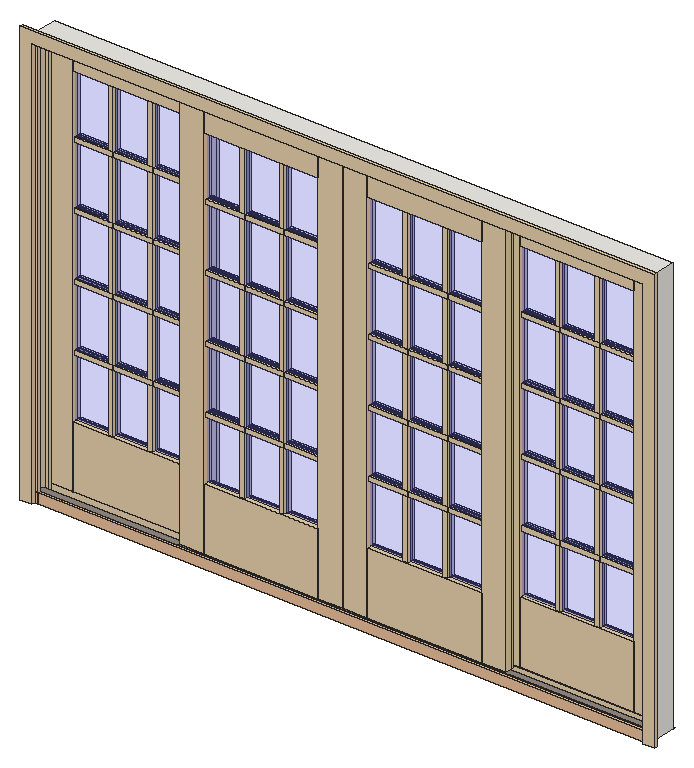
Revit family "Door-Gliding-Andersen-E_Series-Quad", category Doors, host Wall, Revit 2019
Family settings
  Host = Wall
  OmniClass Number = 23.30.10.00
  OmniClass Title = Doors
  Always vertical = Yes
  Cut with Voids When Loaded = No
  Shared = No
  Room Calculation Point = No
Parameters
  Type Comments = "Aluminum-clad wood Gliding French Door"  # constant formula
  Rough Width = Width + (Rough Opening Offset * 2)  # 9' - 11"
  Rough Opening Offset = 0' - 0 1/4"
  Rough Height = if(1 > 0, Height + 0' 0 1/2", 0' 0")  # 6' - 8 1/2"
  Masonry Width = if(Enter Exterior Trim Number > 0, Width + ((casing4 + Masonry Opening Offset) * 2), Width + (Masonry Opening Offset * 2))  # 9' - 11"
  Masonry Opening Offset = 0' - 0 1/4"
  Masonry Height = if(Enter Exterior Trim Number > 0, Height + (casing4 + 0' 0 1/2"), Height + 0' 0 1/2")  # 6' - 8 1/2"
  Learn About These Parameters = "http://www.andersenwindows.com/for-professionals/cad-symbols-bim-support-window-doors/bim-support"
  LWide = if(or(Enter Pattern Number = 1, Enter Pattern Number = 2), . . Lights Wide, if(Enter Pattern Number = 6, . . .Lights Wide, 3))  # 3
  Grille Bar Sizes = "5/8'', 7/8'', 1 1/8'', 1 1/2'', 2 1/4''"  # constant formula
  Glazing Material = Glass ‐ Andersen - Low-E4 SmartSun
  Between Glass Grille Bar Sizes = "5/8'', 1''"  # constant formula
  Interior Trim Visibility = yes
  Grille Bar Size = 0' - 0 7/8"
  Enter Pattern Number = 1
  ..Pattern Number 1 = "Traditional"  # constant formula
  ..Pattern Number 2 = "Traditional Top Light Only"  # constant formula
  . . Lights Wide = 3
  . . Top Light Lights High = 5
  . . Bottom Light Lights High = 2
  ..Pattern Number 3 = "Prairie Each Light"  # constant formula
  ..Pattern Number 4 = "Prairie Top Light Only"  # constant formula
  ..Pattern Number 5 = "Prairie Overall"  # constant formula
  ..Pattern Number 6 = "Craftsman"  # constant formula
  . . .Lights Wide = 3
  Extension Jamb Visibility = yes
  . . .Lights High = 1
  . . .Bottom Bar Location = 1' - 0"
  . . .Bottom Bar Size = 0' - 0 7/8"
  Enter Exterior Trim Number = 0
  ..Exterior Trim Number 0 = "No Exterior Trim"  # constant formula
  ..Exterior Trim Number 1 = "2'' Brick Mould (A753)"  # constant formula
  ..Exterior Trim Number 2 = "2'' Ovolo Brick Mould (A754)"  # constant formula
  ..Exterior Trim Number 3 = "3 1/2'' Brick Mould (A755)"  # constant formula
  ..Exterior Trim Number 4 = "3 1/2'' Backband & Bead Casing (A756)"  # constant formula
  ..Exterior Trim Number 5 = "3 1/2'' Flat Casing (A75B)"  # constant formula
  ..Exterior Trim Number 6 = "5 1/2'' Flat Casing (A758)"  # constant formula
  Interior Grille Bar Visibility = yes
  Exterior Grille Bar Visibility = yes
  Between Glass Grille Bar Visibility = yes
  xjamb Visibility [instance] = and(Extension Jamb Visibility, Wall Depth > 0' 4 9/16")  # no
  xjamb S1 [instance] = if(Wall Depth < 0' 4 5/8", 0' 0 1/16", 0' 0")  # 0' - 0 1/16"
  casingS2 = if(Enter Exterior Trim Number = 3, 0' 0 7/8", 0' 0 3/8")  # 0' - 0 3/8"
  casingS1 = if(Enter Exterior Trim Number = 1, 0' 0 5/8", if(or(Enter Exterior Trim Number = 2, Enter Exterior Trim Number = 3), 0' 1 1/2", 0' 0 3/8"))  # 0' - 0 3/8"
  casing4 = if(or(Enter Exterior Trim Number = 1, Enter Exterior Trim Number = 2), 0' 1 5/8", if(Enter Exterior Trim Number = 6, 0' 5 1/8", 0' 3 1/8"))  # 0' - 3 1/8"
  casing3 = if(Enter Exterior Trim Number = 1, 0' 0 3/8", if(Enter Exterior Trim Number = 2, 0' 0 5/16", 0' 0 9/16"))  # 0' - 0 9/16"
  casing2 = if(Enter Exterior Trim Number = 1, 0' 0 7/8", if(Enter Exterior Trim Number = 2, 0' 1 9/16", 0' 1 7/16"))  # 0' - 1 7/16"
  casing1 = 0' - 0 1/4"  # constant formula
  Wall Thickness [instance] = 0' - 8"
  Wall Depth [instance] = 0' - 4 9/16"
  Void Offset 1 [instance] = if(Enter Exterior Trim Number > 0, casing4, 0' 0")  # 0' - 0"
  Void Depth [instance] = if(Wall Thickness > Wall Depth, 0' 1" + Wall Thickness - Wall Depth, 0' 1")  # 0' - 4 7/16"
  VGB DLO = if(or(Enter Pattern Number = 3, or(Enter Pattern Number = 4, Enter Pattern Number = 5)), 0' 4", (H DLO - (Grille Bar Size * (V Bars))) / if(LWide > 2, LWide, 3))  # 2' - 10.91667"
  V Bars = if(LWide > 2, LWide - 1, 2)  # 2
  URL = "www.eaglewindow.com"
  TS V DLO = Height - HGO - SGO  # 5' - 8"
  TS V Bar Length = if(Enter Pattern Number = 6, . . .Bottom Bar Location - HGO - (. . .Bottom Bar Size / 2), TS V DLO)  # 5' - 8"
  TS SH DLO = if(Enter Pattern Number = 5, HGO + 0' 4" + (Grille Bar Size / 2), if(Enter Pattern Number = 6, . . .Bottom Bar Location, (TS V DLO / 2) + HGO))  # 3' - 4"
  TS S V = LWide = 2  # no
  TS S H Craftsman = and(Enter Pattern Number = 6, . . .Lights High = 2)  # no
  TS S H = and(. . Top Light Lights High = 2, or(or(or(Enter Pattern Number = 5, Enter Pattern Number = 6), Enter Pattern Number = 1), Enter Pattern Number = 2))  # no
  TS M V = or(or(or(or(or(and(LWide > 2, Enter Pattern Number = 1), and(LWide > 2, Enter Pattern Number = 2)), Enter Pattern Number = 3), Enter Pattern Number = 4), Enter Pattern Number = 5), and(LWide > 2, Enter Pattern Number = 6))  # yes
  TS M H = or(or(or(and(. . Top Light Lights High > 2, Enter Pattern Number = 1), and(. . Top Light Lights High > 2, Enter Pattern Number = 2), Enter Pattern Number = 3), Enter Pattern Number = 4), and(. . .Lights High > 2, Enter Pattern Number = 6))  # yes
  TS HGB DLO = if(or(Enter Pattern Number = 3, Enter Pattern Number = 4), 0' 4", if(and(Enter Pattern Number = 6, . . .Lights High > 2), (TS V Bar Length - (Grille Bar Size * (. . .Lights High - 1))) / . . .Lights High, if(. . Top Light Lights High > 2, (TS V Bar Length - (Grille Bar Size * (. . Top Light Lights High - 1))) / . . Top Light Lights High, 0' 4")))  # 1' - 0.9"
  TS H Bars = if(or(Enter Pattern Number = 3, Enter Pattern Number = 4), 2, if(and(Enter Pattern Number = 6, . . .Lights High > 2), . . .Lights High - 1, if(. . Top Light Lights High > 2, . . Top Light Lights High - 1, 2)))  # 4
  Sill Interior Offset [instance] = 0' - 0 5/128"  # constant formula
  Sill Height [instance] = 0' - 1 7/8"  # constant formula
  Panel Bottom Inset [instance] = 0' - 2 5/32"  # constant formula
  Sill Depth [instance] = 0' - 6 1/16"  # constant formula
  SGO = 0' - 6"  # constant formula
  Product Documentation Link = "www.eaglewindow.com/_Products/Ascent-Sliding-French-Doors.aspx"
  Panel Width = ((Width / 4) - 0' 1 3/4") + 0' 3 3/8"  # 2' - 7 1/4"
  Panel Type [instance] = Gliding_Panel : SP2
  Panel Height [instance] = CTRL Height - 0' 0 31/32" - Panel Bottom Inset  # 6' - 4 7/8"
  Nail Fin Visibility = Enter Exterior Trim Number = 0  # yes
  Model = "E-Series Gliding"  # constant formula
  Manufacturer = "Andersen Corporation"  # constant formula
  JGO = 0' - 6"  # constant formula
  Is Gliding = 1 = 1  # yes
  Interior Trim Size = 0' - 2 1/4"
  Interior Material = Wood - Andersen - Pine
  Horizontal Craftsman Bar Size = if(Enter Pattern Number = 6, . . .Bottom Bar Size, Grille Bar Size)  # 0' - 0 7/8"
  HGO = 0' - 6"  # constant formula
  H DLO = Width - (JGO * 2)  # 8' - 10 1/2"
  Function = Exterior
  Height = 6' - 8"
  Wall Closure = By host
  Width = 9' - 10 1/2"
  Frame Interior Inset [instance] = 0' - 0"  # constant formula
  Frame Depth [instance] = 0' - 5 29/32"  # constant formula
  Family Version = "06.01.14"  # constant formula
  Exterior Trim Finish = Aluminum - Andersen - Painted - White
  Exterior Panel Finish = Aluminum - Andersen - Painted - White
  Exterior Grille Bar Finish = Aluminum - Andersen - Painted - White
  Exterior Frame Finish = Aluminum - Andersen - Painted - White
  Designation = "GD"
  Description = "Aluminum-clad wood Gliding French Door"  # constant formula
  Coarse Plan [instance] = if(Wall Depth > Wall Thickness, Wall Thickness, Wall Depth)  # 0' - 4 9/16"
  Casing Visibility [instance] = Enter Exterior Trim Number > 0  # no
  CTRL Height [instance] = Height  # 6' - 8"
  Between Glass Grille Bar Finish = Stainless Steel - Andersen - Standard
  BS V DLO = Height - HGO - SGO  # 5' - 8"
  BS SH DLO = if(Enter Pattern Number = 5, SGO + 0' 4" + (Grille Bar Size / 2), (BS V DLO / 2) + SGO)  # 3' - 4"
  BS S V = and(LWide = 2, Enter Pattern Number = 1)  # no
  BS S H = or(and(. . Bottom Light Lights High = 2, Enter Pattern Number = 1), Enter Pattern Number = 5)  # yes
  BS M V = or(or(and(LWide > 2, Enter Pattern Number = 1), Enter Pattern Number = 3), Enter Pattern Number = 5)  # yes
  BS M H = or(and(. . Bottom Light Lights High > 2, Enter Pattern Number = 1), Enter Pattern Number = 3)  # no
  BS HGB DLO = if(. . Bottom Light Lights High > 2, if(Enter Pattern Number = 3, 0' 4", (BS V DLO - (Grille Bar Size * (. . Bottom Light Lights High - 1))) / . . Bottom Light Lights High), 0' 2")  # 0' - 2"
  BS H Bars = if(. . Bottom Light Lights High > 2, . . Bottom Light Lights High - 1, 2)  # 2
Reference planes (in)
  plane 1 "Center (Front/Back)": y = 0
  plane 2 "Center (Left/Right)": x = 0
  plane 3 "R Frame": x = -59.25
  plane 4 "L Frame": x = 59.25
  plane 5 "T Frame": z = 80
  plane 6 "Wall S1": y = 3.71875
  plane 7 "Wall S2": y = -4.28125
  plane 8 "Interior Casing": y = -4.90625
  plane 9 "Frame S2": y = -4.28125
  plane 10 "Flange": y = 0.28125
  plane 11 "Frame S1": y = 1.625
  plane 12 "Casing S2": y = 2
  plane 13 "Casing S1": y = 2
  plane 14 "Exterior Offset": y = 4.71875
  plane 15 "Coarse Detail Plan": y = 1.5625
  plane 16 "R Rough Opening": x = -59.5
  plane 17 "R Casing 1": x = -59
  plane 18 "R Casing 2": x = -60.9375
  plane 19 "R Casing 3": x = -61.8125
  plane 20 "R Casing 4": x = -62.375
  plane 21 "R Masonry Opening": x = -59.5
  plane 22 "L Masonry Opening": x = 59.5
  plane 23 "L Casing 4": x = 62.375
  plane 24 "L Casing 3": x = 61.8125
  plane 25 "L Casing 2": x = 60.9375
  plane 26 "L Casing 1": x = 59
  plane 27 "L Rough Opening": x = 59.5
  plane 28 "T Rough Opening": z = 80.5
  plane 29 "T Casing 1": z = 79.75
  plane 30 "T Casing 2": z = 81.6875
  plane 31 "T Casing 3": z = 82.5625
  plane 32 "T Casing 4": z = 83.125
  plane 33 "T Masonry Opening": z = 80.5
  plane 34 "R Int Casing": x = -60.75
  plane 35 "R Xjamb 2": x = -59.125
  plane 36 "R Xjamb 1": x = -58.5
  plane 37 "L Int Casing": x = 60.75
  plane 38 "L Xjamb 2": x = 59.125
  plane 39 "L Xjamb 1": x = 58.5
  plane 40 "T Int Casing": z = 81.25
  plane 41 "T Xjamb 2": z = 79.875
  plane 42 "T Xjamb 1": z = 79
  plane 43 "L Panel": x = 58.4372
  plane 44 "R Panel": x = -58.4375
  plane 45 "T Panel": z = 79.0312
  plane 46 "B Panel": z = 2.1562
  plane 47 "B Glazing": z = 10.1562
  plane 48 "T Glazing": z = 74.3437
  plane 49 "L Glazing": x = 53.7497
  plane 50 "R Glazing": x = -53.75
  plane 51 "Panel1 S1": y = -1.88625
  plane 52 "Panel1 S2": y = -3.63625
  plane 53 "Xjamb S1": y = -4.21875
  plane 54 "Frame S2 Ext": y = 1.625
  plane 55 "Stop Exterior": y = -1.20413
  plane 56 "Stop Interior": y = -1.71975
  plane 57 "Sill Interior": y = -4.32031
  plane 58 "Sill Exterior": y = 1.74219
  plane 59 "L Stop": x = 57.75
  plane 60 "R Stop": x = -57.75
  plane 61 "T Stop": z = 78.5
  plane 62 "Sill Height": z = 1.875
  plane 63 "Panel2 S1": y = 0.625
  plane 64 "Panel2 S2": y = -1.1355
  plane 65 "R Panel Width": x = -27.1875
  plane 66 "L Panel Width": x = 27.1872
Forms (in)
  Extrusion 1, void
    sketch origin (0, 0, 0) x (1, 0, 0) y (0, 0, 1)
      loop
        line (59.25, 80) -> (-59.25, 80) -> (-59.25, 0) -> (59.25, 0) -> (59.25, 80)
    from -0.28125 to 4.28125
  Extrusion 2, void
    sketch origin (0, 0, 0) x (1, 0, 0) y (0, 0, 1)
      loop
        line (59.25, 80) -> (-59.25, 80) -> (-59.25, 0) -> (59.25, 0) -> (59.25, 80)
    from -15.71875 to -0.28125
  Sweep 3, solid, material "Aluminum - Andersen - Painted - White" <- "Exterior Trim Finish", visible <- "Casing Visibility", detail levels medium+fine
    path origin (0, 0.28125, 0) x (-1, 0, 0) y (0, 0, 1)
      loop
        line (-62.375, 0) -> (-62.375, 83.125) -> (62.375, 83.125) -> (62.375, 0)
    profile origin (62.375, 0.28125, 41.5625) x (1, 0, 0) y (0, 1, 0)
      loop
        line (-1.4375, 1.71875) -> (-3.375, 1.71875) -> (-3.375, 0) -> (0, 0) -> (0, 1.71875) -> (-0.5625, 1.71875) -> (-1.4375, 1.71875)
  Extrusion 4, solid, material "Aluminum - Andersen - Painted - White" <- "Exterior Trim Finish", visible <- "Casing Visibility", detail levels coarse
    sketch origin (0, 0.28125, 0) x (-1, 0, 0) y (0, 0, 1)
      loop
        line (-59, 79.75) -> (59, 79.75) -> (59, 0) -> (62.375, 0) -> (62.375, 83.125) -> (-62.375, 83.125) -> (-62.375, 0) -> (-59, 0) -> (-59, 79.75)
    from 0 to 1.71875
  Extrusion 5, solid, material "Wood - Andersen - Pine" <- "Interior Material", visible <- "Interior Trim Visibility", detail levels fine
    sketch origin (0, 0, 0) x (1, 0, 0) y (0, 0, 1)
      loop
        line (-58.5, 79) -> (58.5, 79) -> (58.5, 0) -> (60.75, 0) -> (60.75, 81.25) -> (-60.75, 81.25) -> (-60.75, 0) -> (-58.5, 0) -> (-58.5, 79)
    from 4.28125 to 4.90625
  Extrusion 6, solid, material "Wood - Andersen - Pine" <- "Interior Material", visible <- "xjamb Visibility", detail levels medium+fine
    sketch origin (0, 0, 0) x (1, 0, 0) y (0, 0, 1)
      loop
        line (-59.125, 0) -> (-58.5, 0) -> (-58.5, 79) -> (58.5, 79) -> (58.5, 0) -> (59.125, 0) -> (59.125, 79.875) -> (-59.125, 79.875) -> (-59.125, 0)
    from 4.21875 to 4.28125
  Sweep 7, solid, material "Aluminum - Andersen - Painted - White" <- "Exterior Frame Finish", detail levels medium+fine
    path origin (0, 0.28125, 0) x (-1, 0, 0) y (0, 0, 1)
      loop
        line (-59.25, 0) -> (-59.25, 80) -> (59.25, 80) -> (59.25, 0)
    profile origin (59.25, 0.28125, 40) x (1, 0, 0) y (0, 1, 0)
      loop
        line (0, -4.5625) -> (0, 1.13341) -> (-0.41612, 1.34375) -> (-1.5, 1.34375) -> (-1.5, 0.35575) -> (-0.75, 0.35575) -> (-0.75, -1.48538) -> (-1.375, -1.48538) -> (-1.375, -2.001) -> (-0.75, -2.001) -> (-0.75, -4.0625) -> (-1.313, -4.0625) -> (-1.313, -4.5625) -> (0, -4.5625)
  Sweep 8, solid, material "Aluminum - Andersen - Painted - White" <- "Exterior Frame Finish", detail levels coarse
    path origin (-0.30351, 0.28125, 0) x (-1, 0, 0) y (0, 0, 1)
      loop
        line (-59.55351, 0) -> (-59.55351, 80) -> (58.94649, 80) -> (58.94649, 0)
    profile origin (59.25, 0.28125, 40) x (1, 0, 0) y (0, 1, 0)
      loop
        line (-0.75, -4.5625) -> (0, -4.5625) -> (0, 1.34375) -> (-0.75, 1.34375) -> (-0.75, -4.5625)
  Sweep 9, solid, material "Fiberglass - Andersen - Terratone", detail levels medium+fine
    path origin (0, 0.28125, 0) x (-1, 0, 0) y (0, 0, 1)
      loop
        line (-59.25, 0) -> (59.25, 0)
    profile origin (0, 0.28125, 0) x (0, 0, 1) y (0, 1, 0)
      loop
        line (0, -4.60156) -> (1.875, -4.60156) -> (1.875, -3.94709) -> (2.00898, -3.94709) -> (1.91719, -2.63442) -> (0.63229, -2.63442) -> (0.54751, -1.41675) -> (0.42251, -1.41675) -> (0.29543, 0.40833) -> (0.15625, 0.40833) -> (0.09649, 1.46094) -> (0, 1.46094) -> (0, -4.60156)
  Sweep 10, solid, material "Fiberglass - Andersen - Terratone", detail levels coarse
    path origin (0, 0.28125, 0) x (-1, 0, 0) y (0, 0, 1)
      loop
        line (-58.5, 2.1562) -> (58.5, 2.1562)
    profile origin (0, 0.28125, 2.1562) x (0, 0, 1) y (0, 1, 0)
      loop
        line (0, 1.46094) -> (-2.1562, 1.46094) -> (-2.1562, -4.60156) -> (0, -4.60156) -> (0, 1.46094)
  Sweep 11, void
    path origin (0, 0.28125, 0) x (-1, 0, 0) y (0, 0, 1)
      loop
        line (0, 0) -> (0, 2.1562)
    profile origin (0, 0.28125, 1.0781) x (1, 0, 0) y (0, 1, 0)
      loop
        line (57.937, -4.0625) -> (57.937, -4.5625) -> (59.25, -4.5625) -> (59.25, 1.34375) -> (57.75, 1.34375) -> (57.75, 0.35575) -> (58.5, 0.35575) -> (58.5, -1.48538) -> (57.875, -1.48538) -> (57.875, -2.001) -> (58.5, -2.001) -> (58.5, -4.0625) -> (57.937, -4.0625)
      loop
        line (-57.937, -4.0625) -> (-58.5, -4.0625) -> (-58.5, -2.001) -> (-57.875, -2.001) -> (-57.875, -1.48538) -> (-58.5, -1.48538) -> (-58.5, 0.35575) -> (-57.75, 0.35575) -> (-57.75, 1.34375) -> (-59.25, 1.34375) -> (-59.25, -4.5625) -> (-57.937, -4.5625) -> (-57.937, -4.0625)
  Sweep 12, solid, material "Aluminum - Andersen - Painted - White" <- "Exterior Frame Finish", detail levels medium+fine
    path origin (0.97958, 0.28125, -3.29495) x (-1, 0, 0) y (0, 0, 1)
      loop
        line (28.16708, 5.45115) -> (59.41708, 5.45115)
    profile origin (-42.8125, 0.28125, 2.1562) x (0, 0, 1) y (0, 1, 0)
      loop
        line (-1.73369, -1.41675) -> (0, -1.41675) -> (0, 0.34375) -> (-1.85627, 0.34375) -> (-1.73369, -1.41675)
  Sweep 13, solid, material "Aluminum - Andersen - Painted - White" <- "Exterior Frame Finish", detail levels medium+fine
    path origin (-0.98038, 0.28125, -3.29495) x (1, 0, 0) y (0, 0, 1)
      loop
        line (28.16758, 5.45115) -> (59.41758, 5.45115)
    profile origin (42.8122, 0.28125, 2.1562) x (0, 0, -1) y (0, 1, 0)
      loop
        line (1.73369, -1.41675) -> (1.85627, 0.34375) -> (0, 0.34375) -> (0, -1.41675) -> (1.73369, -1.41675)
Cuts and joins
  Sweep 11 cuts Sweep 9
Lines and regions (in)
  Masking region 1, visible <- "Casing Visibility"
    outline origin (0, 0, 0) x (0, 1, 0) y (0, 0, 1)
      loop
        line (0.28125, 80) -> (1.625, 80) -> (1.625, 0) -> (2, 0) -> (2, 83.125) -> (0.28125, 83.125) -> (0.28125, 80)
  Masking region 2
    outline origin (0, 0, 0) x (1, 0, 0) y (0, 1, 0)
      loop
        line (-59.25, 1.74219) -> (-59.25, -4.32031) -> (59.25, -4.32031) -> (59.25, 1.74219) -> (-59.25, 1.74219)
  Masking region 3
    outline origin (0, 0, 0) x (0, 1, 0) y (0, 0, 1)
      loop
        line (1.625, 80) -> (-4.28125, 80) -> (-4.28125, 0) -> (1.625, 0) -> (1.625, 80)
  Masking region 4, visible <- "Casing Visibility", detail levels fine
    outline origin (0, 0, 0) x (1, 0, 0) y (0, 1, 0)
      loop
        line (-61.8125, 2) -> (-62.375, 2) -> (-62.375, 0.28125) -> (-59.25, 0.28125) -> (-59.25, 1.625) -> (-59, 1.625) -> (-59, 2) -> (-60.9375, 2) -> (-61.8125, 2)
  Masking region 5, visible <- "Casing Visibility", detail levels fine
    outline origin (0, 0, 0) x (1, 0, 0) y (0, 1, 0)
      loop
        line (61.8125, 2) -> (60.9375, 2) -> (59, 2) -> (59, 1.625) -> (59.25, 1.625) -> (59.25, 0.28125) -> (62.375, 0.28125) -> (62.375, 2) -> (61.8125, 2)
  Masking region 6, visible <- "Casing Visibility", detail levels coarse+medium
    outline origin (0, 0, 0) x (1, 0, 0) y (0, 1, 0)
      loop
        line (-62.375, 2) -> (-62.375, 0.28125) -> (-59.25, 0.28125) -> (-59.25, 2) -> (-62.375, 2)
  Masking region 7, visible <- "Casing Visibility", detail levels coarse+medium
    outline origin (0, 0, 0) x (1, 0, 0) y (0, 1, 0)
      loop
        line (59.25, 2) -> (59.25, 0.28125) -> (62.375, 0.28125) -> (62.375, 2) -> (59.25, 2)
  Masking region 8, visible <- "Casing Visibility"
    outline origin (0, 1.74219, 0) x (-1, 0, 0) y (0, 0, 1)
      loop
        line (-62.375, 83.125) -> (-62.375, 0) -> (-59.25, 0) -> (-59.25, 80) -> (59.25, 80) -> (59.25, 0) -> (62.375, 0) -> (62.375, 83.125) -> (-62.375, 83.125)
  Masking region 9, visible <- "Interior Trim Visibility", detail levels fine
    outline origin (0, -4.90625, 0) x (-1, 0, 0) y (0, 0, 1)
      loop
        line (-60.75, 81.25) -> (-60.75, 0) -> (-58.5, 0) -> (-58.5, 79) -> (58.5, 79) -> (58.5, 0) -> (60.75, 0) -> (60.75, 81.25) -> (-60.75, 81.25)
  Masking region 10
    outline origin (0, -4.32031, 0) x (-1, 0, 0) y (0, 0, 1)
      loop
        line (-59.25, 80) -> (-59.25, 0) -> (59.25, 0) -> (59.25, 80) -> (-59.25, 80)
      loop
        line (-57.75, 78.5) -> (-57.75, 2.1562) -> (57.75, 2.1562) -> (57.75, 78.5) -> (-57.75, 78.5)
  Split face 1
    outline origin (-27.1875, 0.28125, 2.1562) x (0, 0, -1) y (0, 1, 0)
      loop
        line (0, -0.03125) -> (1.83234, -0.03125)
  Masking region 11
    outline origin (0, 1.74219, 0) x (-1, 0, 0) y (0, 0, 1)
      loop
        line (59.25, 80) -> (-59.25, 80) -> (-59.25, 0) -> (59.25, 0) -> (59.25, 80)
      loop
        line (57.75, 78.5) -> (-57.75, 78.5) -> (-57.75, 2.1562) -> (57.75, 2.1562) -> (57.75, 78.5)
  Split face 2
    outline origin (27.1872, 0.28125, 2.1562) x (0, 0, 1) y (0, 1, 0)
      loop
        line (0, -0.03125) -> (-1.83234, -0.03125)
  Split face 3
    outline origin (58.5, 1.74219, 2.1562) x (-1, 0, 0) y (0, -1, 0)
      loop
        line (0, 5.37844) -> (117, 5.37844)
  Split face 4
    outline origin (58.5, 0.28125, 2.1562) x (0, 0, -1) y (0, 1, 0)
      loop
        line (0, -3.9175) -> (2.1562, -3.9175)
  Split face 5
    outline origin (-58.5, 0.28125, 2.1562) x (0, 1, 0) y (0, 0, -1)
      loop
        line (-3.9175, 0) -> (-3.9175, 2.1562)
  Split face 6
    outline origin (58.5, -4.32031, 0) x (0, 1, 0) y (-1, 0, 0)
      loop
        line (0.68406, 117) -> (0.68406, 0)
  Split face 7
    outline origin (58.5, -4.28125, 0) x (0, 0, 1) y (0, 1, 0)
      loop
        line (0, 3.14575) -> (79.25, 3.14575)
  Split face 8
    outline origin (-58.5, -4.28125, 79.25) x (0, 0, -1) y (0, 1, 0)
      loop
        line (79.25, 3.14575) -> (0, 3.14575)
  Split face 9
    outline origin (58.5, -4.28125, 79.25) x (0, 1, 0) y (-1, 0, 0)
      loop
        line (3.14575, 0) -> (3.14575, 31.3128) -> (0.645, 31.3128) -> (0.645, 85.6875) -> (3.14575, 85.6875) -> (3.14575, 117)
  Split face 10
    outline origin (-59.25, 1.625, 80) x (0, 0, -1) y (0, -1, 0)
      loop
        line (80, 2.7605) -> (0, 2.7605)
  Split face 11
    outline origin (59.25, 1.625, 80) x (-1, 0, 0) y (0, -1, 0)
      loop
        line (118.5, 2.7605) -> (0, 2.7605)
  Split face 12
    outline origin (59.25, 1.625, 0) x (0, 0, 1) y (0, -1, 0)
      loop
        line (80, 2.7605) -> (0, 2.7605)
  Split face 13
    outline origin (-59.25, 1.41466, 80) x (0, 0, -1) y (0, -1, 0)
      loop
        line (80, 2.55016) -> (0, 2.55016)
  Split face 14
    outline origin (59.25, 1.41466, 80) x (-1, 0, 0) y (0, -1, 0)
      loop
        line (118.5, 2.55016) -> (0, 2.55016)
  Split face 15
    outline origin (59.25, 1.41466, 0) x (0, 0, 1) y (0, -1, 0)
      loop
        line (80, 2.55016) -> (0, 2.55016)
  Masking region 12, visible <- "xjamb Visibility", detail levels medium+fine
    outline origin (0, 0, 0) x (1, 0, 0) y (0, 1, 0)
      loop
        line (-59.125, -4.21875) -> (-59.125, -4.28125) -> (-58.5, -4.28125) -> (-58.5, -4.21875) -> (-59.125, -4.21875)
  Masking region 13, visible <- "Interior Trim Visibility", detail levels fine
    outline origin (0, 0, 0) x (1, 0, 0) y (0, 1, 0)
      loop
        line (-60.75, -4.28125) -> (-60.75, -4.90625) -> (-58.5, -4.90625) -> (-58.5, -4.28125) -> (-60.75, -4.28125)
  Masking region 14, visible <- "xjamb Visibility", detail levels medium+fine
    outline origin (0, 0, 0) x (1, 0, 0) y (0, 1, 0)
      loop
        line (58.5, -4.21875) -> (58.5, -4.28125) -> (59.125, -4.28125) -> (59.125, -4.21875) -> (58.5, -4.21875)
  Masking region 15, visible <- "Interior Trim Visibility", detail levels fine
    outline origin (0, 0, 0) x (1, 0, 0) y (0, 1, 0)
      loop
        line (58.5, -4.28125) -> (58.5, -4.90625) -> (60.75, -4.90625) -> (60.75, -4.28125) -> (58.5, -4.28125)
  Masking region 16, visible <- "xjamb Visibility", detail levels medium+fine
    outline origin (0, 0, 0) x (0, 1, 0) y (0, 0, 1)
      loop
        line (-4.21875, 79.875) -> (-4.28125, 79.875) -> (-4.28125, 0) -> (-4.21875, 0) -> (-4.21875, 79.875)
  Masking region 17, visible <- "Interior Trim Visibility", detail levels fine
    outline origin (0, 0, 0) x (0, 1, 0) y (0, 0, 1)
      loop
        line (-4.28125, 81.25) -> (-4.90625, 81.25) -> (-4.90625, 0) -> (-4.28125, 0) -> (-4.28125, 81.25)
  symbolic lines, style "DoorsFrameMullionProjection", visible <- "Casing Visibility", detail levels medium+fine
    curve 1: line (0, 2, 82.5625) -> (0, 2, 81.6875)
    curve 2: line (0, 2, 81.6875) -> (0, 2, 79.75)
    curve 3: line (0, 2, 79.75) -> (0, 1.625, 79.75)
    curve 5: line (60.875, 0.28125, 2.1562) -> (64, 0.28125, 2.1562)
    curve 6: line (-60.875, 0.28125, 2.1562) -> (-64, 0.28125, 2.1562)
    curve 117: line (0, 0.28125, 84.75) -> (0, 0.28125, 83.125)
  symbolic lines, style "DoorsFrameMullionProjection", detail levels coarse
    curve 4: line (0, 1.625, 80) -> (0, 2, 80)
    curve 7: line (58.5, 1.625, 2.1562) -> (58.5, -4.28125, 2.1562)
    curve 8: line (0, 1.74219, 0) -> (0, 1.74219, 2.1562)
    curve 9: line (0, 1.74219, 2.1562) -> (0, -4.32031, 2.1562)
    curve 10: line (0, -4.32031, 2.1562) -> (0, -4.32031, 0)
    curve 11: line (0, -4.21875, 79) -> (0, 1.625, 79)
    curve 33: line (-59.25, 1.625, 2.1562) -> (-58.5, 1.625, 2.1562)
    curve 96: line (-58.5, 1.625, 2.1562) -> (-58.5, -4.28125, 2.1562)
    curve 121: line (58.5, 1.625, 2.1562) -> (59.25, 1.625, 2.1562)
  symbolic lines, style "DoorsFrameMullionProjection", detail levels medium+fine
    curve 12: line (-58.875, -4.28125, 2.1562) -> (-59.25, -4.28125, 2.1562)
    curve 15: line (-57.75, 1.625, 0.8125) -> (-57.75, 0.637, 0.8125)
    curve 16: line (-57.75, 0.637, 0.8125) -> (-58.5, 0.637, 0.8125)
    curve 17: line (-58.5, 0.637, 0.8125) -> (-58.5, -1.20413, 0.8125)
    curve 18: line (-58.5, -1.20413, 0.8125) -> (-57.875, -1.20413, 0.8125)
    curve 19: line (-57.875, -1.20413, 0.8125) -> (-57.875, -1.71975, 0.8125)
    curve 20: line (-57.937, -4.28125, 0.8125) -> (-59.25, -4.28125, 0.8125)
    curve 21: line (-59.25, -4.28125, 0.8125) -> (-59.25, 1.41466, 0.8125)
    curve 22: line (-58.83388, 1.625, 0.8125) -> (-57.75, 1.625, 0.8125)
    curve 23: line (0, -1.20413, 78.625) -> (0, -1.71975, 78.625)
    curve 24: line (0, -1.20413, 79.25) -> (0, -1.20413, 78.625)
    curve 25: line (0, -1.20413, 79.25) -> (0, 1.01512, 79.25)
    curve 26: line (0, 1.01512, 79.25) -> (0, 1.01512, 78.5)
    curve 27: line (0, 1.01512, 78.5) -> (0, 1.625, 78.5)
    curve 28: line (0, 1.625, 78.5) -> (0, 1.625, 79.58388)
    curve 29: line (0, -4.28125, 78.687) -> (0, -4.28125, 80)
    curve 30: line (0, -4.28125, 80) -> (0, 1.41466, 80)
    curve 42: line (-58.5, -1.71975, 0.8125) -> (-57.875, -1.71975, 0.8125)
    curve 43: line (-58.5, -1.71975, 0.8125) -> (-58.5, -3.78125, 0.8125)
    curve 44: line (-58.5, -3.78125, 0.8125) -> (-57.937, -3.78125, 0.8125)
    curve 45: line (-57.937, -3.78125, 0.8125) -> (-57.937, -4.28125, 0.8125)
    curve 46: line (-59.25, 1.41466, 0.8125) -> (-58.83388, 1.625, 0.8125)
    curve 52: line (57.75, 1.625, 0.8125) -> (57.75, 0.637, 0.8125)
    curve 53: line (57.75, 0.637, 0.8125) -> (58.5, 0.637, 0.8125)
    curve 54: line (58.5, 0.637, 0.8125) -> (58.5, -1.20413, 0.8125)
    curve 55: line (58.5, -1.20413, 0.8125) -> (57.875, -1.20413, 0.8125)
    curve 56: line (57.875, -1.20413, 0.8125) -> (57.875, -1.71975, 0.8125)
    curve 57: line (57.937, -4.28125, 0.8125) -> (59.25, -4.28125, 0.8125)
    curve 58: line (59.25, -4.28125, 0.8125) -> (59.25, 1.41466, 0.8125)
    curve 59: line (58.83388, 1.625, 0.8125) -> (57.75, 1.625, 0.8125)
    curve 60: line (58.5, -1.71975, 0.8125) -> (57.875, -1.71975, 0.8125)
    curve 61: line (58.5, -1.71975, 0.8125) -> (58.5, -3.78125, 0.8125)
    curve 62: line (58.5, -3.78125, 0.8125) -> (57.937, -3.78125, 0.8125)
    curve 63: line (57.937, -3.78125, 0.8125) -> (57.937, -4.28125, 0.8125)
    curve 64: line (59.25, 1.41466, 0.8125) -> (58.83388, 1.625, 0.8125)
    curve 65: line (0, 0.68958, 0.15625) -> (0, 1.74219, 0.09649)
    curve 66: line (0, 1.74219, 0.09649) -> (0, 1.74219, 0)
    curve 67: line (0, -4.32031, 0) -> (0, -4.32031, 1.875)
    curve 68: line (0, -4.32031, 1.875) -> (0, -3.66584, 1.875)
    curve 69: line (0, -3.66584, 2.00898) -> (0, -2.35317, 1.91719)
    curve 70: line (0, -2.35317, 1.91719) -> (0, -2.35317, 0.63229)
    curve 71: line (0, -1.1355, 0.42251) -> (0, 0.68958, 0.29543)
    curve 72: line (0, -2.35317, 0.63229) -> (0, -1.1355, 0.54751)
    curve 73: line (0, 0.68958, 0.29543) -> (0, 0.68958, 0.15625)
    curve 74: line (0, -3.66584, 1.875) -> (0, -3.66584, 2.00898)
    curve 83: line (0, -1.71975, 79.25) -> (0, -1.71975, 78.625)
    curve 84: line (0, -1.71975, 79.25) -> (0, -3.78125, 79.25)
    curve 85: line (0, -3.78125, 79.25) -> (0, -3.78125, 78.687)
    curve 86: line (0, -3.78125, 78.687) -> (0, -4.28125, 78.687)
    curve 87: line (0, 1.41466, 80) -> (0, 1.625, 79.58388)
    curve 93: line (0, 0.625, 2.1562) -> (0, 0.625, 0.29993)
    curve 94: line (0, -1.1355, 2.1562) -> (0, -1.1355, 0.42251)
    curve 95: line (0, -1.1355, 2.1562) -> (0, 0.625, 2.1562)
    curve 118: line (58.5, -4.32031, 2.1562) -> (-58.5, -4.32031, 2.1562)
    curve 119: line (-27.1875, 1.74219, 0.29543) -> (-27.1875, 1.74219, 2.1562)
    curve 120: line (27.1872, 1.74219, 0.29543) -> (27.1872, 1.74219, 2.1562)
    curve 122: line (-28.4375, -1.1355, 0) -> (-28.4375, -1.88625, 0)
    curve 123: line (-27.4375, -1.1355, 0) -> (-27.4375, -1.88625, 0)
    curve 124: line (27.4372, -1.1355, 0) -> (27.4372, -1.88625, 0)
    curve 125: line (28.4372, -1.1355, 0) -> (28.4372, -1.88625, 0)
  symbolic lines, style "DoorsFrameMullionProjection", not visible, detail levels fine
    curve 13: line (0, 1.74219, 0) -> (0, -4.32031, 0)
  symbolic lines, style "DoorsFrameMullionProjection", detail levels fine
    curve 14: line (0, 1.74219, 0) -> (0, -4.32031, 0)
  symbolic lines, style "DoorsFrameMullionProjection"
    curve 31: line (57.75, 1.74219, 2.1562) -> (57.75, 1.74219, 0)
    curve 32: line (-57.75, 1.74219, 2.1562) -> (-57.75, 1.74219, 0)
    curve 129: line (-59.25, 1.625, 0) -> (-59.25, -4.28125, 0)
    curve 131: line (59.25, 1.625, 0) -> (59.25, -4.28125, 0)
    curve 132: line (0, 2, 83.125) -> (0, 0.28125, 83.125)
    curve 133: line (0, 1.625, 80) -> (0, -4.28125, 80)
  symbolic lines, style "DoorsFrameMullionProjection", not visible, detail levels medium+fine
    curve 34: line (-16.75, 3.77622, 0.8125) -> (-16.75, 2.78822, 0.8125)
    curve 35: line (-16.75, 2.78822, 0.8125) -> (-17.5, 2.78822, 0.8125)
    curve 36: line (-17.5, 2.78822, 0.8125) -> (-17.5, 0.94709, 0.8125)
    curve 37: line (-17.5, 0.94709, 0.8125) -> (-16.875, 0.94709, 0.8125)
    curve 38: line (-16.875, 0.94709, 0.8125) -> (-16.875, 0.43147, 0.8125)
    curve 39: line (-16.937, -2.13003, 0.8125) -> (-18.25, -2.13003, 0.8125)
    curve 40: line (-18.25, -2.13003, 0.8125) -> (-18.25, 3.56588, 0.8125)
    curve 41: line (-17.83388, 3.77622, 0.8125) -> (-16.75, 3.77622, 0.8125)
    curve 47: line (-17.5, 0.43147, 0.8125) -> (-16.875, 0.43147, 0.8125)
    curve 48: line (-17.5, 0.43147, 0.8125) -> (-17.5, -1.63003, 0.8125)
    curve 49: line (-17.5, -1.63003, 0.8125) -> (-16.937, -1.63003, 0.8125)
    curve 50: line (-16.937, -1.63003, 0.8125) -> (-16.937, -2.13003, 0.8125)
    curve 51: line (-18.25, 3.56588, 0.8125) -> (-17.83388, 3.77622, 0.8125)
    curve 75: line (0, -0.20413, 78.625) -> (0, -0.71975, 78.625)
    curve 76: line (0, -0.20413, 79.25) -> (0, -0.20413, 78.625)
    curve 77: line (0, -0.20413, 79.25) -> (0, 2.01512, 79.25)
    curve 78: line (0, 2.01512, 79.25) -> (0, 2.01512, 78.5)
    curve 79: line (0, 2.01512, 78.5) -> (0, 2.625, 78.5)
    curve 80: line (0, 2.625, 78.5) -> (0, 2.625, 79.58388)
    curve 81: line (0, -3.28125, 78.687) -> (0, -3.28125, 80)
    curve 82: line (0, -3.28125, 80) -> (0, 2.41466, 80)
    curve 88: line (0, -0.71975, 79.25) -> (0, -0.71975, 78.625)
    curve 89: line (0, -0.71975, 79.25) -> (0, -2.78125, 79.25)
    curve 90: line (0, -2.78125, 79.25) -> (0, -2.78125, 78.687)
    curve 91: line (0, -2.78125, 78.687) -> (0, -3.28125, 78.687)
    curve 92: line (0, 2.41466, 80) -> (0, 2.625, 79.58388)
    curve 101: line (0, 1.68958, 0.15625) -> (0, 2.74219, 0.09649)
    curve 102: line (0, 2.74219, 0.09649) -> (0, 2.74219, 0)
    curve 103: line (0, -3.32031, 0) -> (0, -3.32031, 1.875)
    curve 104: line (0, -3.32031, 1.875) -> (0, -2.66584, 1.875)
    curve 105: line (0, -2.66584, 2.00898) -> (0, -1.35317, 1.91719)
    curve 106: line (0, -1.35317, 1.91719) -> (0, -1.35317, 0.63229)
    curve 107: line (0, -0.1355, 0.42251) -> (0, 1.68958, 0.29543)
    curve 108: line (0, -1.35317, 0.63229) -> (0, -0.1355, 0.54751)
    curve 109: line (0, 1.68958, 0.29543) -> (0, 1.68958, 0.15625)
    curve 110: line (0, -2.66584, 1.875) -> (0, -2.66584, 2.00898)
    curve 111: line (0, 1.625, 2.1562) -> (0, 1.625, 0.29993)
    curve 112: line (0, -0.1355, 2.1562) -> (0, -0.1355, 0.42251)
    curve 113: line (0, -0.1355, 2.1562) -> (0, 1.625, 2.1562)
  symbolic lines, style "DoorsFrameMullionProjection", not visible, detail levels coarse
    curve 97: line (-17.5, 3.77622, 2.1562) -> (-17.5, -2.13003, 2.1562)
    curve 98: line (0, 2.74219, 0) -> (0, 2.74219, 2.1562)
    curve 99: line (0, 2.74219, 2.1562) -> (0, -3.32031, 2.1562)
    curve 100: line (0, -3.32031, 2.1562) -> (0, -3.32031, 0)
  symbolic lines, style "DoorsFrameMullionProjection", visible <- "Nail Fin Visibility", detail levels medium+fine
    curve 114: line (59.25, 0.28125, 2.1562) -> (60.875, 0.28125, 2.1562)
    curve 115: line (-59.25, 0.28125, 2.1562) -> (-60.875, 0.28125, 2.1562)
    curve 116: line (0, 0.28125, 81.5) -> (0, 0.28125, 80)
  symbolic lines, style "DoorsFrameMullionProjection", visible <- "xjamb Visibility", detail levels medium+fine
    curve 126: line (0, -4.21875, 79) -> (0, -4.28125, 79)
  symbolic lines, style "DoorsFrameMullionProjection", visible <- "Interior Trim Visibility", detail levels fine
    curve 127: line (0, -4.28125, 79) -> (0, -4.90625, 79)
  symbolic lines, style "DoorsFrameMullionProjection", visible <- "Casing Visibility"
    curve 128: line (-62.375, 2, 0) -> (-62.375, 0.28125, 0)
    curve 130: line (62.375, 2, 0) -> (62.375, 0.28125, 0)
Text (in)
  text "Exterior" at (-74.96733, 27.31104, 0), in view "Ref. Level"
  text "Interior" at (-74.96733, -25.14366, 0), in view "Ref. Level"
  text "Exterior" at (0, 40.15149, 123.01588), in view "Right"
  text "Interior" at (0, -64.39139, 123.01588), in view "Right"
  text "Interior" at (0, -31.01599, 123.00693), in view "Left"
  text "Exterior" at (0, 54.57065, 123.00693), in view "Left"
Dimensions and locks (in)
  equal spacing: plane 3 "R Frame", plane 2 "Center (Left/Right)", plane 4 "L Frame"
  "CTRL Height": level to plane 5 "T Frame"
  "Width": plane 3 "R Frame" to plane 4 "L Frame"
  host wall to plane 5 "T Frame" = 6' - 8"
  locked: plane 11 "Frame S1" to plane 10 "Flange" at 1.34375
  "casingS2": plane 12 "Casing S2" to plane 11 "Frame S1"
  locked: plane 8 "Interior Casing" to host wall at 0.625
  locked: plane 14 "Exterior Offset" to host wall at 1
  "Void Offset 1": plane 4 "L Frame" to Extrusion 2 sketch curve
  "Void Offset 1": plane 5 "T Frame" to Extrusion 2 sketch curve
  "Void Offset 1": Extrusion 2 sketch curve to plane 3 "R Frame"
  "casing1": plane 26 "L Casing 1" to plane 4 "L Frame"
  "Rough Opening Offset": plane 4 "L Frame" to plane 27 "L Rough Opening"
  "casing4": plane 4 "L Frame" to plane 23 "L Casing 4"
  "casing2": plane 25 "L Casing 2" to plane 23 "L Casing 4"
  "casing3": plane 24 "L Casing 3" to plane 23 "L Casing 4"
  "casing1": plane 3 "R Frame" to plane 17 "R Casing 1"
  "Rough Opening Offset": plane 16 "R Rough Opening" to plane 3 "R Frame"
  "casing4": plane 20 "R Casing 4" to plane 3 "R Frame"
  "casing2": plane 20 "R Casing 4" to plane 18 "R Casing 2"
  "casing3": plane 20 "R Casing 4" to plane 19 "R Casing 3"
  "casing1": plane 29 "T Casing 1" to plane 5 "T Frame"
  "casing4": plane 5 "T Frame" to plane 32 "T Casing 4"
  "casing2": plane 30 "T Casing 2" to plane 32 "T Casing 4"
  "casing3": plane 31 "T Casing 3" to plane 32 "T Casing 4"
  locked: plane 3 "R Frame" to plane 35 "R Xjamb 2" at 0.125
  locked: plane 3 "R Frame" to plane 36 "R Xjamb 1" at 0.75
  "Interior Trim Size": plane 34 "R Int Casing" to plane 36 "R Xjamb 1"
  locked: plane 38 "L Xjamb 2" to plane 4 "L Frame" at 0.125
  locked: plane 39 "L Xjamb 1" to plane 4 "L Frame" at 0.75
  "Interior Trim Size": plane 39 "L Xjamb 1" to plane 37 "L Int Casing"
  locked: plane 41 "T Xjamb 2" to plane 5 "T Frame" at 0.125
  plane 42 "T Xjamb 1" to plane 5 "T Frame" = 0' - 1"
  locked: plane 42 "T Xjamb 1" to plane 40 "T Int Casing" at 2.25
  locked: plane 45 "T Panel" to plane 5 "T Frame" at 0.9688
  locked: plane 48 "T Glazing" to plane 45 "T Panel" at 4.6875
  locked: plane 46 "B Panel" to plane 47 "B Glazing" at 8
  locked: plane 3 "R Frame" to plane 44 "R Panel" at 0.8125
  locked: plane 44 "R Panel" to plane 50 "R Glazing" at 4.6875
  locked: plane 43 "L Panel" to plane 4 "L Frame" at 0.8128
  locked: plane 49 "L Glazing" to plane 43 "L Panel" at 4.6875
  locked: plane 51 "Panel1 S1" to plane 52 "Panel1 S2" at 1.75
  "xjamb S1": plane 53 "Xjamb S1" to plane 9 "Frame S2"
  locked: Extrusion 2 to host wall at 12
  "Void Depth": plane 14 "Exterior Offset" to Extrusion 2
  "Wall Thickness": host wall to host wall
  "Wall Depth": host wall to plane 10 "Flange"
  "casingS1": plane 13 "Casing S1" to plane 11 "Frame S1"
  "Frame Depth": plane 54 "Frame S2 Ext" to plane 9 "Frame S2"
  locked: plane 54 "Frame S2 Ext" to plane 55 "Stop Exterior" at 2.82913
  locked: plane 23 "L Casing 4" to curve 5 at 1.625
  locked: curve 6 to plane 20 "R Casing 4" at 1.625
  "Panel Height": plane 46 "B Panel" to plane 45 "T Panel"
  "Sill Interior Offset": plane 9 "Frame S2" to plane 57 "Sill Interior"
  locked: plane 36 "R Xjamb 1" to plane 60 "R Stop" at 0.75
  locked: plane 54 "Frame S2 Ext" to plane 11 "Frame S1" at 0
  "Sill Depth": plane 58 "Sill Exterior" to plane 57 "Sill Interior"
  locked: plane 61 "T Stop" to plane 42 "T Xjamb 1" at 0.5
  "Sill Height": level to plane 62 "Sill Height"
  locked: plane 52 "Panel1 S2" to plane 9 "Frame S2" at 0.645
  locked: plane 63 "Panel2 S1" to plane 64 "Panel2 S2" at 1.7605
  locked: plane 54 "Frame S2 Ext" to plane 63 "Panel2 S1" at 1
  locked: plane 59 "L Stop" to plane 39 "L Xjamb 1" at 0.75
  locked: plane 55 "Stop Exterior" to plane 56 "Stop Interior" at 0.51562
  "Panel Width": plane 44 "R Panel" to plane 65 "R Panel Width"
  locked: plane 4 "L Frame" to curve 114 at 1.625
  locked: curve 115 to plane 3 "R Frame" at 1.625
  locked: plane 5 "T Frame" to curve 116 at 1.5
  curve 117 to curve 117 = 0' - 1 5/8"
  locked: plane 63 "Panel2 S1" to Split face 1 sketch curve at 0.375
  "Panel Width": plane 66 "L Panel Width" to plane 43 "L Panel"
  locked: curve 122 to curve 123 at 1
  locked: plane 66 "L Panel Width" to curve 124 at 0.25
  locked: curve 124 to curve 125 at 1
  locked: curve 123 to plane 65 "R Panel Width" at 0.25
  equal spacing: plane 21 "R Masonry Opening", plane 2 "Center (Left/Right)", plane 22 "L Masonry Opening"
  "Masonry Width": plane 21 "R Masonry Opening" to plane 22 "L Masonry Opening"
  "Rough Height": level to plane 28 "T Rough Opening"
  "Masonry Height": level to plane 33 "T Masonry Opening"
  aligned and locked: plane 6 "Wall S1" to host wall
  aligned and locked: plane 7 "Wall S2" to host wall
  aligned and locked: plane 5 "T Frame" to Extrusion 1 sketch curve
  aligned and locked: plane 4 "L Frame" to Extrusion 1 sketch curve
  aligned and locked: Extrusion 1 sketch curve to plane 3 "R Frame"
  aligned and locked: level to Extrusion 1 sketch curve
  aligned and locked: host wall to Extrusion 1
  aligned and locked: plane 10 "Flange" to Extrusion 1
  aligned and locked: level to Extrusion 2 sketch curve
  aligned and locked: level to Sweep 3 sketch curve  (x2)
  aligned and locked: plane 23 "L Casing 4" to Sweep 3 sketch curve  (x2)
  aligned and locked: plane 32 "T Casing 4" to Sweep 3 sketch curve
  aligned and locked: Sweep 3 sketch curve to plane 20 "R Casing 4"
  aligned and locked: plane 24 "L Casing 3" to Sweep 3 sketch curve
  aligned and locked: plane 12 "Casing S2" to Sweep 3 sketch curve
  aligned and locked: plane 25 "L Casing 2" to Sweep 3 sketch curve
  aligned and locked: Sweep 3 sketch curve to plane 13 "Casing S1"
  aligned and locked: plane 10 "Flange" to Sweep 3 sketch curve
  aligned and locked: Sweep 3 sketch curve to plane 26 "L Casing 1"
  aligned and locked: Sweep 3 sketch curve to plane 12 "Casing S2"
  aligned and locked: level to Extrusion 4 sketch curve  (x2)
  aligned and locked: plane 23 "L Casing 4" to Extrusion 4 sketch curve
  aligned and locked: Extrusion 4 sketch curve to plane 26 "L Casing 1"
  aligned and locked: plane 32 "T Casing 4" to Extrusion 4 sketch curve
  aligned and locked: Extrusion 4 sketch curve to plane 29 "T Casing 1"
  aligned and locked: Extrusion 4 sketch curve to plane 20 "R Casing 4"
  aligned and locked: plane 17 "R Casing 1" to Extrusion 4 sketch curve
  aligned and locked: Extrusion 4 to plane 10 "Flange"
  aligned and locked: plane 12 "Casing S2" to Sweep 3
  aligned and locked: plane 29 "T Casing 1" to curve 3
  aligned and locked: plane 5 "T Frame" to Masking region 1 sketch curve
  aligned and locked: Masking region 1 sketch curve to plane 10 "Flange"
  aligned and locked: Masking region 1 sketch curve to plane 32 "T Casing 4"
  aligned and locked: plane 13 "Casing S1" to Masking region 1 sketch curve
  aligned and locked: Masking region 1 sketch curve to level
  aligned and locked: Masking region 1 sketch curve to plane 11 "Frame S1"
  aligned and locked: plane 11 "Frame S1" to curve 4
  aligned and locked: Masking region 2 sketch curve to plane 3 "R Frame"
  aligned and locked: plane 4 "L Frame" to Masking region 2 sketch curve
  aligned and locked: plane 5 "T Frame" to Masking region 3 sketch curve
  aligned and locked: plane 9 "Frame S2" to Masking region 3 sketch curve
  aligned and locked: Masking region 3 sketch curve to plane 11 "Frame S1"
  aligned and locked: level to Masking region 3 sketch curve
  aligned and locked: plane 13 "Casing S1" to Masking region 4 sketch curve
  aligned and locked: plane 19 "R Casing 3" to Masking region 4 sketch curve
  aligned and locked: Masking region 4 sketch curve to plane 20 "R Casing 4"
  aligned and locked: plane 17 "R Casing 1" to Masking region 4 sketch curve
  aligned and locked: plane 11 "Frame S1" to Masking region 4 sketch curve
  aligned and locked: plane 3 "R Frame" to Masking region 4 sketch curve
  aligned and locked: Masking region 4 sketch curve to plane 12 "Casing S2"
  aligned and locked: plane 18 "R Casing 2" to Masking region 4 sketch curve
  aligned and locked: Masking region 4 sketch curve to plane 13 "Casing S1"
  aligned and locked: plane 25 "L Casing 2" to Masking region 5 sketch curve
  aligned and locked: plane 13 "Casing S1" to Masking region 5 sketch curve  (x2)
  aligned and locked: Masking region 5 sketch curve to plane 23 "L Casing 4"
  aligned and locked: plane 4 "L Frame" to Masking region 5 sketch curve
  aligned and locked: Masking region 5 sketch curve to plane 11 "Frame S1"
  aligned and locked: plane 26 "L Casing 1" to Masking region 5 sketch curve
  aligned and locked: plane 12 "Casing S2" to Masking region 5 sketch curve
  aligned and locked: plane 24 "L Casing 3" to Masking region 5 sketch curve
  aligned and locked: Masking region 6 sketch curve to plane 13 "Casing S1"
  aligned and locked: Masking region 6 sketch curve to plane 20 "R Casing 4"
  aligned and locked: plane 10 "Flange" to Masking region 6 sketch curve
  aligned and locked: plane 3 "R Frame" to Masking region 6 sketch curve
  aligned and locked: Masking region 7 sketch curve to plane 13 "Casing S1"
  aligned and locked: Masking region 7 sketch curve to plane 4 "L Frame"
  aligned and locked: plane 10 "Flange" to Masking region 7 sketch curve
  aligned and locked: plane 23 "L Casing 4" to Masking region 7 sketch curve
  aligned and locked: level to Extrusion 5 sketch curve  (x2)
  aligned and locked: Extrusion 5 sketch curve to plane 34 "R Int Casing"
  aligned and locked: plane 36 "R Xjamb 1" to Extrusion 5 sketch curve
  aligned and locked: plane 40 "T Int Casing" to Extrusion 5 sketch curve
  aligned and locked: Extrusion 5 sketch curve to plane 42 "T Xjamb 1"
  aligned and locked: plane 37 "L Int Casing" to Extrusion 5 sketch curve
  aligned and locked: Extrusion 5 sketch curve to plane 39 "L Xjamb 1"
  aligned and locked: Extrusion 5 to host wall
  aligned and locked: Extrusion 5 to plane 8 "Interior Casing"
  aligned and locked: level to Extrusion 6 sketch curve  (x2)
  aligned and locked: plane 36 "R Xjamb 1" to Extrusion 6 sketch curve
  aligned and locked: Extrusion 6 sketch curve to plane 35 "R Xjamb 2"
  aligned and locked: Extrusion 6 sketch curve to plane 42 "T Xjamb 1"
  aligned and locked: plane 41 "T Xjamb 2" to Extrusion 6 sketch curve
  aligned and locked: Extrusion 6 sketch curve to plane 39 "L Xjamb 1"
  aligned and locked: plane 38 "L Xjamb 2" to Extrusion 6 sketch curve
  aligned and locked: plane 53 "Xjamb S1" to Extrusion 6
  aligned and locked: host wall to Extrusion 6
  aligned and locked: plane 10 "Flange" to Masking region 4 sketch curve
  aligned and locked: Masking region 5 sketch curve to plane 10 "Flange"
  aligned and locked: level to Sweep 7 sketch curve  (x2)
  aligned and locked: plane 4 "L Frame" to Sweep 7 sketch curve
  aligned and locked: Sweep 7 sketch curve to plane 3 "R Frame"
  aligned and locked: plane 5 "T Frame" to Sweep 7 sketch curve
  aligned and locked: plane 5 "T Frame" to Sweep 8 sketch curve
  aligned and locked: plane 4 "L Frame" to Sweep 8 sketch curve  (x2)
  aligned and locked: Sweep 8 sketch curve to plane 3 "R Frame"
  aligned and locked: Sweep 8 sketch curve to plane 54 "Frame S2 Ext"
  aligned and locked: plane 9 "Frame S2" to Sweep 8 sketch curve
  aligned and locked: plane 10 "Flange" to curve 6
  aligned and locked: curve 5 to plane 10 "Flange"
  aligned and locked: plane 4 "L Frame" to Sweep 9 sketch curve
  aligned and locked: plane 3 "R Frame" to Sweep 9 sketch curve
  aligned and locked: Sweep 9 sketch curve to level
  aligned and locked: plane 46 "B Panel" to Sweep 10 sketch curve  (x2)
  aligned and locked: plane 57 "Sill Interior" to Sweep 10 sketch curve
  aligned and locked: Sweep 10 sketch curve to plane 58 "Sill Exterior"
  aligned and locked: level to Sweep 10 sketch curve
  aligned and locked: Masking region 2 sketch curve to plane 58 "Sill Exterior"
  aligned and locked: plane 57 "Sill Interior" to Masking region 2 sketch curve
  aligned and locked: plane 9 "Frame S2" to curve 12
  aligned and locked: Masking region 8 sketch curve to plane 20 "R Casing 4"
  aligned and locked: plane 23 "L Casing 4" to Masking region 8 sketch curve
  aligned and locked: level to Masking region 8 sketch curve  (x2)
  aligned and locked: level to Masking region 9 sketch curve  (x2)
  aligned and locked: plane 37 "L Int Casing" to Masking region 9 sketch curve
  aligned and locked: Masking region 9 sketch curve to plane 34 "R Int Casing"
  aligned and locked: plane 40 "T Int Casing" to Masking region 9 sketch curve
  aligned and locked: plane 32 "T Casing 4" to Masking region 8 sketch curve
  aligned and locked: Masking region 10 sketch curve to plane 60 "R Stop"
  aligned and locked: plane 59 "L Stop" to Masking region 10 sketch curve
  aligned and locked: level to Masking region 10 sketch curve
  aligned and locked: plane 61 "T Stop" to Masking region 10 sketch curve
  aligned and locked: curve 32 to plane 60 "R Stop"
  aligned and locked: nested 1 to plane 46 "B Panel"
  aligned and locked: Masking region 10 sketch curve to plane 3 "R Frame"
  aligned and locked: plane 5 "T Frame" to Masking region 10 sketch curve
  aligned and locked: plane 4 "L Frame" to Masking region 10 sketch curve
  aligned and locked: curve 33 to plane 54 "Frame S2 Ext"
  aligned and locked: level to Sweep 11 sketch curve
  aligned and locked: Sweep 11 sketch curve to plane 2 "Center (Left/Right)"
  aligned and locked: plane 9 "Frame S2" to Sweep 7 sketch curve
  aligned and locked: plane 54 "Frame S2 Ext" to Sweep 7 sketch curve
  aligned and locked: Sweep 7 sketch curve to plane 4 "L Frame"
  aligned and locked: Sweep 7 sketch curve to plane 39 "L Xjamb 1"
  aligned and locked: plane 39 "L Xjamb 1" to Sweep 7 sketch curve
  aligned and locked: Sweep 7 sketch curve to plane 59 "L Stop"
  aligned and locked: Sweep 11 sketch curve to plane 4 "L Frame"
  aligned and locked: plane 39 "L Xjamb 1" to Sweep 11 sketch curve  (x2)
  aligned and locked: plane 59 "L Stop" to Sweep 11 sketch curve
  aligned and locked: plane 54 "Frame S2 Ext" to Sweep 11 sketch curve
  aligned and locked: Sweep 7 to Sweep 11 sketch curve  (x3)
  aligned and locked: Sweep 11 sketch curve to Sweep 7  (x10)
  aligned and locked: Sweep 11 sketch curve to plane 3 "R Frame"
  aligned and locked: plane 60 "R Stop" to Sweep 11 sketch curve
  aligned and locked: plane 9 "Frame S2" to Sweep 11 sketch curve
  aligned and locked: Sweep 11 sketch curve to plane 54 "Frame S2 Ext"
  aligned and locked: plane 36 "R Xjamb 1" to Sweep 11 sketch curve  (x2)
  aligned and locked: Sweep 7 sketch curve to plane 56 "Stop Interior"
  aligned and locked: plane 55 "Stop Exterior" to Sweep 7 sketch curve
  aligned and locked: curve 21 to plane 3 "R Frame"
  aligned and locked: curve 22 to plane 54 "Frame S2 Ext"
  aligned and locked: plane 54 "Frame S2 Ext" to curve 59
  aligned and locked: curve 58 to plane 4 "L Frame"
  aligned and locked: nested 2 to plane 46 "B Panel"
  aligned and locked: Sweep 9 sketch curve to plane 57 "Sill Interior"
  aligned and locked: level to Sweep 9 sketch curve
  aligned and locked: Sweep 9 sketch curve to plane 58 "Sill Exterior"
  aligned and locked: Sweep 9 sketch curve to plane 62 "Sill Height"
  aligned and locked: curve 67 to plane 57 "Sill Interior"
  aligned and locked: level to curve 67
  aligned and locked: curve 30 to plane 5 "T Frame"
  aligned and locked: curve 29 to plane 9 "Frame S2"
  aligned and locked: plane 46 "B Panel" to Sweep 11 sketch curve
  aligned and locked: plane 64 "Panel2 S2" to Sweep 9 sketch curve
  aligned and locked: curve 20 to curve 96
  aligned and locked: curve 22 to curve 96
  aligned and locked: curve 39 to curve 97
  aligned and locked: curve 41 to curve 97
  aligned and locked: curve 57 to curve 7
  aligned and locked: curve 59 to curve 7
  aligned and locked: plane 46 "B Panel" to Sweep 12 sketch curve
  aligned and locked: plane 44 "R Panel" to Sweep 12 sketch curve
  aligned and locked: plane 65 "R Panel Width" to Sweep 12 sketch curve
  aligned and locked: Sweep 12 sketch curve to plane 46 "B Panel"
  aligned and locked: Sweep 12 sketch curve to plane 63 "Panel2 S1"
  aligned and locked: plane 64 "Panel2 S2" to Sweep 12 sketch curve
  aligned and locked: plane 12 "Casing S2" to curve 2
  aligned and locked: plane 4 "L Frame" to curve 114
  aligned and locked: Sweep 3 to plane 10 "Flange"
  aligned and locked: plane 5 "T Frame" to curve 116
  aligned and locked: plane 10 "Flange" to curve 117
  aligned and locked: plane 46 "B Panel" to Masking region 10 sketch curve
  aligned and locked: plane 46 "B Panel" to curve 32
  aligned and locked: curve 31 to Masking region 10
  aligned and locked: Masking region 9 sketch curve to plane 39 "L Xjamb 1"
  aligned and locked: plane 36 "R Xjamb 1" to Masking region 9 sketch curve
  aligned and locked: Masking region 9 sketch curve to plane 42 "T Xjamb 1"
  aligned and locked: plane 4 "L Frame" to Masking region 11 sketch curve
  aligned and locked: plane 5 "T Frame" to Masking region 11 sketch curve
  aligned and locked: Masking region 11 sketch curve to plane 3 "R Frame"
  aligned and locked: level to Masking region 11 sketch curve
  aligned and locked: Masking region 11 sketch curve to plane 46 "B Panel"
  aligned and locked: plane 59 "L Stop" to Masking region 11 sketch curve
  aligned and locked: Masking region 11 sketch curve to plane 60 "R Stop"
  aligned and locked: plane 61 "T Stop" to Masking region 11 sketch curve
  aligned and locked: curve 118 to plane 46 "B Panel"
  aligned and locked: plane 39 "L Xjamb 1" to curve 118
  aligned and locked: plane 36 "R Xjamb 1" to curve 118
  aligned and locked: curve 119 to Sweep 12
  aligned and locked: nested 1 to plane 43 "L Panel"
  aligned and locked: nested 3 to plane 44 "R Panel"
  aligned and locked: nested 3 to plane 63 "Panel2 S1"
  aligned and locked: plane 63 "Panel2 S1" to nested 1
  aligned and locked: plane 66 "L Panel Width" to Sweep 13 sketch curve
  aligned and locked: plane 46 "B Panel" to Sweep 13 sketch curve
  aligned and locked: plane 43 "L Panel" to Sweep 13 sketch curve
  aligned and locked: plane 66 "L Panel Width" to Sweep 13
  aligned and locked: curve 120 to plane 66 "L Panel Width"
  aligned and locked: cut or joined group of Sweep 9, Sweep 11 to curve 120
  aligned and locked: plane 46 "B Panel" to curve 120
  aligned and locked: nested 2 to plane 51 "Panel1 S1"
  aligned and locked: plane 51 "Panel1 S1" to nested 4
  aligned and locked: nested 2 to plane 2 "Center (Left/Right)"
  aligned and locked: nested 4 to plane 2 "Center (Left/Right)"
  aligned and locked: plane 39 "L Xjamb 1" to Sweep 10 sketch curve
  aligned and locked: plane 36 "R Xjamb 1" to Sweep 10 sketch curve
  aligned and locked: plane 52 "Panel1 S2" to Split face 3 sketch curve
  aligned and locked: Split face 4 sketch curve to Split face 3
  aligned and locked: Split face 5 sketch curve to Split face 3
  aligned and locked: Split face 6 sketch curve to Split face 3
  aligned and locked: Split face 7 sketch curve to plane 64 "Panel2 S2"
  aligned and locked: Split face 8 sketch curve to plane 64 "Panel2 S2"
  aligned and locked: plane 52 "Panel1 S2" to Split face 9 sketch curve
  aligned and locked: Split face 9 sketch curve to plane 66 "L Panel Width"
  aligned and locked: Split face 9 sketch curve to plane 65 "R Panel Width"
  aligned and locked: plane 64 "Panel2 S2" to Split face 9 sketch curve  (x2)
  aligned and locked: Split face 10 sketch curve to plane 64 "Panel2 S2"
  aligned and locked: Split face 11 sketch curve to Split face 10
  aligned and locked: Split face 12 sketch curve to Split face 11
  aligned and locked: Split face 13 sketch curve to Split face 11
  aligned and locked: Split face 14 sketch curve to Split face 13
  aligned and locked: Split face 15 sketch curve to Split face 14
  aligned and locked: plane 39 "L Xjamb 1" to curve 121
  aligned and locked: plane 4 "L Frame" to curve 121
  aligned and locked: plane 64 "Panel2 S2" to curve 122
  aligned and locked: plane 64 "Panel2 S2" to curve 123
  aligned and locked: plane 51 "Panel1 S1" to curve 123
  aligned and locked: plane 51 "Panel1 S1" to curve 122
  aligned and locked: plane 64 "Panel2 S2" to curve 124
  aligned and locked: plane 64 "Panel2 S2" to curve 125
  aligned and locked: plane 51 "Panel1 S1" to curve 124
  aligned and locked: plane 51 "Panel1 S1" to curve 125
  aligned and locked: Masking region 12 sketch curve to plane 53 "Xjamb S1"
  aligned and locked: plane 36 "R Xjamb 1" to Masking region 12 sketch curve
  aligned and locked: Masking region 12 sketch curve to plane 35 "R Xjamb 2"
  aligned and locked: Masking region 12 sketch curve to host wall
  aligned and locked: Masking region 13 sketch curve to plane 34 "R Int Casing"
  aligned and locked: plane 8 "Interior Casing" to Masking region 13 sketch curve
  aligned and locked: plane 36 "R Xjamb 1" to Masking region 13 sketch curve
  aligned and locked: host wall to Masking region 13 sketch curve
  aligned and locked: Masking region 14 sketch curve to plane 39 "L Xjamb 1"
  aligned and locked: plane 38 "L Xjamb 2" to Masking region 14 sketch curve
  aligned and locked: Masking region 14 sketch curve to plane 53 "Xjamb S1"
  aligned and locked: Masking region 14 sketch curve to host wall
  aligned and locked: plane 37 "L Int Casing" to Masking region 15 sketch curve
  aligned and locked: plane 8 "Interior Casing" to Masking region 15 sketch curve
  aligned and locked: Masking region 15 sketch curve to plane 39 "L Xjamb 1"
  aligned and locked: host wall to Masking region 15 sketch curve
  aligned and locked: Masking region 16 sketch curve to plane 53 "Xjamb S1"
  aligned and locked: plane 41 "T Xjamb 2" to Masking region 16 sketch curve
  aligned and locked: Masking region 16 sketch curve to host wall
  aligned and locked: level to Masking region 16 sketch curve
  aligned and locked: level to Masking region 17 sketch curve
  aligned and locked: plane 8 "Interior Casing" to Masking region 17 sketch curve
  aligned and locked: Masking region 17 sketch curve to host wall
  aligned and locked: plane 40 "T Int Casing" to Masking region 17 sketch curve
  aligned and locked: plane 53 "Xjamb S1" to curve 126
  aligned and locked: plane 8 "Interior Casing" to curve 127
  aligned and locked: host wall to curve 127
  aligned and locked: plane 42 "T Xjamb 1" to curve 126
  aligned and locked: plane 42 "T Xjamb 1" to curve 127
  aligned and locked: plane 13 "Casing S1" to curve 1
